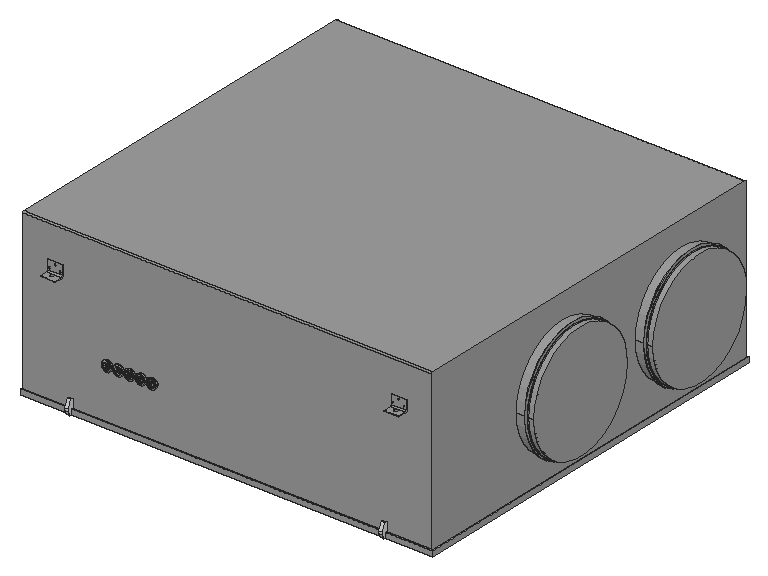
Revit family "Вентустановка Naveka Node5 Compact", category Оборудование, Revit 2019
Family settings
  Размер круглого соединителя = Использовать диаметр
  Тип детали = Нормальный
  Номер OmniClass = 23.75.00.00
  Заголовок OmniClass = Climate Control (HVAC)
  На основе рабочей плоскости = Нет
  Всегда вертикально = Да
  При загрузке вырезать с полостями = Нет
  Общий = Нет
  Точка расчета площади = Нет
Parameters (values of type "Node5-315/RP-M,VAC,E4.5")
  Ток ТЭНа (на фазу), А = "7.6"
  Ток вентилятора, А = "2"
  Питание, В = "3-380"
  Мощность калорифера, кВт = "4.5"
  Мощность вентиляторов, кВт = "0.45"
  Материал = RAL 0000 Серый металл
  d = 315 mm
  b = 217 mm
  Sg = 400 mm
  L = 1100 mm
  H = 441 mm
  D+4.5 = D + 4.5 mm  # 161 mm
  D+0.5 = D + 0.5 mm  # 157 mm
  D = 156.5 mm
  B = 1053 mm
  ADSK_Примечание = "https://progress-nw.ru/ustanovki/node5/node5-ac-compact/ustanovka-ventilyacionnaya-pritochno-vytyazhnaya-node5-315-rp-m-vac-e4-5-compact-1000-m3-ch-280-pa"
  ADSK_Позиция = ""
  ADSK_Наименование = "Установка вентиляционная Node5 Compact"  # constant formula
  ADSK_Масса = 77
  ADSK_Марка = "Node5-315/RP-M,VAC,E4.5 Compact"
  ADSK_Код изделия = ""
  ADSK_Завод-изготовитель = "Naveka"  # constant formula
  ADSK_Единица измерения = "шт."  # constant formula
Types (11, lengths in mm): name | Ток ТЭНа (на фазу), А | Ток вентилятора, А | Питание, В | Мощность калорифера, кВт | Мощность вентиляторов, кВт | d | b | Sg | L | H | D+4.5 | D+0.5 | D | B | ADSK_Примечание | ADSK_Масса | ADSK_Марка
  (no name) | "7.6" | "2" | "3-380" | "4.5" | "0.45" | 315 | 217 | 400 | 1100 | 441 | 161 | 157 | 156.5 | 1053 | "https://progress-nw.ru/ustanovki/node5/node5-ac-compact/ustanovka-ventilyacionnaya-pritochno-vytyazhnaya-node5-315-rp-m-vac-e4-5-compact-1000-m3-ch-280-pa" | 77 | "Node5-315/RP-M,VAC,E4.5 Compact"
  Node5-125/RP-M,VAC,E0.37 | "1.7" | "0.5" | "1-220" | "0.37" | "0.1" | 125 | 125 | 260 | 700 | 352 | 66 | 62 | 61.5 | 773 | "https://progress-nw.ru/ustanovki/node5/node5-ac-compact/ustanovka-ventilyacionnaya-pritochno-vytyazhnaya-node5-125-rp-m-vac-e0-37-compact-100-m3-ch-280-pa" | 49.4 | "Node5-125/RP-M,VAC,E0.37 Compact"
  Node5-160/RP-M,VAC,E1.1 | "5.1" | "0.8" | "1-220" | "1.1" | "0.17" | 160 | 150 | 260 | 700 | 352 | 83.5 | 79.5 | 79 | 773 | "https://progress-nw.ru/ustanovki/node5/node5-ac-compact/ustanovka-ventilyacionnaya-pritochno-vytyazhnaya-node5-160-rp-m-vac-e1-1-compact-250-m3-ch-250-pa" | 50.2 | "Node5-160/RP-M,VAC,E1.1 Compact"
  Node5-200/RP-M,VAC,E1.5 | "6.8" | "1.2" | "1-220" | "1.5" | "0.27" | 200 | 176 | 315 | 920 | 418 | 103.5 | 99.5 | 99 | 883 | "https://progress-nw.ru/ustanovki/node5/node5-ac-compact/ustanovka-ventilyacionnaya-pritochno-vytyazhnaya-node5-200-rp-m-vac-e1-5-compact-400-m3-ch-340-pa" | 74.4 | "Node5-200/RP-M,VAC,E1.5 Compact"
  Node5-250/RP-M,VAC,E2.6 | "11.9" | "1.9" | "1-220" | "2.6" | "0.42" | 250 | 185 | 315 | 1100 | 418 | 128.5 | 124.5 | 124 | 883 | "https://progress-nw.ru/ustanovki/node5/node5-ac-compact/ustanovka-ventilyacionnaya-pritochno-vytyazhnaya-node5-250-rp-m-vac-e2-6-compact-600-m3-ch-340-pa" | 75 | "Node5-250/RP-M,VAC,E2.6 Compact"
  Node5-315/RP-M,VAC,E3.4 | "5.7" | "2" | "3-380" | "3.4" | "0.45" | 315 | 217 | 400 | 1100 | 441 | 161 | 157 | 156.5 | 1053 | "https://progress-nw.ru/ustanovki/node5/node5-ac-compact/ustanovka-ventilyacionnaya-pritochno-vytyazhnaya-node5-315-rp-m-vac-e3-4-compact-800-m3-ch-380-pa" | 77 | "Node5-315/RP-M,VAC,E3.4 Compact"
  Node5-125/RP-M,VAC,E0.75 | "3.4" | "0.5" | "1-220" | "0.75" | "0.1" | 125 | 125 | 260 | 700 | 352 | 66 | 62 | 61.5 | 773 | "https://progress-nw.ru/ustanovki/node5/node5-ac-compact/ustanovka-ventilyacionnaya-pritochno-vytyazhnaya-node5-125-rp-m-vac-e0-75-compact-200-m3-ch-190-pa" | 49.4 | "Node5-125/RP-M,VAC,E0.75 Compact"
  Node5-160/RP-M,VAC,E1.5 | "6.8" | "0.8" | "1-220" | "1.5" | "0.17" | 160 | 150 | 260 | 700 | 352 | 83.5 | 79.5 | 79 | 773 | "https://progress-nw.ru/ustanovki/node5/node5-ac-compact/ustanovka-ventilyacionnaya-pritochno-vytyazhnaya-node5-160-rp-m-vac-e1-5-compact-300-m3-ch-180-pa" | 50.2 | "Node5-160/RP-M,VAC,E1.5 Compact"
  Node5-200/RP-M,VAC,E2.3 | "10.2" | "1.2" | "1-220" | "2.3" | "0.27" | 200 | 176 | 315 | 920 | 418 | 103.5 | 99.5 | 99 | 883 | "https://progress-nw.ru/ustanovki/node5/node5-ac-compact/ustanovka-ventilyacionnaya-pritochno-vytyazhnaya-node5-200-rp-m-vac-e2-3-compact-500-m3-ch-280-pa" | 74.4 | "Node5-200/RP-M,VAC,E2.3 Compact"
  Node5-250/RP-M,VAC,E3.4 | "5.7" | "1.9" | "3-380" | "3.4" | "0.42" | 250 | 185 | 315 | 1100 | 418 | 128.5 | 124.5 | 124 | 883 | "https://progress-nw.ru/ustanovki/node5/node5-ac-compact/ustanovka-ventilyacionnaya-pritochno-vytyazhnaya-node5-250-rp-m-vac-e3-4-compact-700-m3-ch-260-pa" | 75 | "Node5-250/RP-M,VAC,E3.4 Compact"
  Node5-315/RP-M,VAC,E4.5 | "7.6" | "2" | "3-380" | "4.5" | "0.45" | 315 | 217 | 400 | 1100 | 441 | 161 | 157 | 156.5 | 1053 | "https://progress-nw.ru/ustanovki/node5/node5-ac-compact/ustanovka-ventilyacionnaya-pritochno-vytyazhnaya-node5-315-rp-m-vac-e4-5-compact-1000-m3-ch-280-pa" | 77 | "Node5-315/RP-M,VAC,E4.5 Compact"
Reference planes
  plane 1 "По центру (Вперед/Назад)": y = 0
  plane 2: z = 0
  plane 3 "По центру (Влево/Вправо)": x = 0
  plane 4: y = 526.5
  plane 5: y = -526.5
  plane 6: x = 90
  plane 7: x = 550
  plane 8: z = 220.5
  plane 9: z = -220.5
  plane 10: x = 575
  plane 11: x = 579
  plane 12: x = 580
  plane 13: x = 584
  plane 14: x = 600
  plane 15: x = -550
  plane 16: x = -575
  plane 17: x = -579
  plane 18: x = -580
  plane 19: x = -584
  plane 20: x = -600
  plane 21: x = -554
  plane 22: y = 530.5
  plane 23: x = 554
  plane 24: y = -530.5
  plane 25: z = -205.5
  plane 26: x = 482
  plane 27: x = 442
  plane 28: x = 462
  plane 29: y = 539.5
  plane 30: x = 448
  plane 31: x = 476
  plane 32: x = -482
  plane 33: x = -442
  plane 34: x = -462
  plane 35: x = -448
  plane 36: x = -476
  plane 37: y = -539.5
  plane 38: x = -202
  plane 39: z = 221.5
  plane 40 "По центру Л/Р": y = 309.5
  plane 41: x = -232
  plane 42: z = -70.309
  plane 43: z = -182.717
  plane 44: x = 427
  plane 45: x = 417
  plane 46: x = -427
  plane 47: x = -417
  plane 48 "По центру Л/С": y = -90.5
  plane 49: x = -262
  plane 50: x = -292
  plane 51: x = -322
  plane 52: z = 100.5
  plane 53: z = 112.739
  plane 54: z = 124.979
Forms (mm)
  Extrusion 1, solid, material "RAL 0000 Серый металл" <- "Материал", detail levels fine
    sketch origin (0, 10, 0) x (0, 1, 0) y (0, 0, 1)
      loop
        circle (299.5, 0) r 156.5
    from 550 to 600
  Extrusion 2, solid, material "Каучук, черный", detail levels fine
    sketch origin (0, 0, -17.195) x (0, 1, 0) y (0, 0, 1)
      loop
        circle (309.5, 17.195) r 157
    from 575 to 584
  Extrusion 3, solid, material "Каучук, черный", detail levels fine
    sketch origin (0, 0, -17.195) x (0, 1, 0) y (0, 0, 1)
      loop
        circle (309.5, 17.195) r 161
    from 579 to 580
  Extrusion 4, solid, material "RAL 0000 Серый металл" <- "Материал", detail levels fine
    sketch origin (0, 5, 0) x (0, 1, 0) y (0, 0, -1)
      loop
        circle (304.5, 0) r 156.5
    from 550 to 600
  Extrusion 5, solid, material "Каучук, черный", detail levels fine
    sketch origin (0, 0, -17.195) x (0, 1, 0) y (0, 0, -1)
      loop
        circle (309.5, -17.195) r 157
    from 575 to 584
  Extrusion 6, solid, material "Каучук, черный", detail levels fine
    sketch origin (0, 0, -17.195) x (0, 1, 0) y (0, 0, -1)
      loop
        circle (309.5, -17.195) r 161
    from 579 to 580
  Extrusion 7, solid, material "RAL 0000 Серый металл" <- "Материал"
    sketch origin (0, 0, 0) x (0, 1, 0) y (0, 0, 1)
      loop
        line (523.475, 220.5) -> (-523.484, 220.5)
        arc (-523.484, 220.5) -> (-525.617, 219.617) -> (-526.5, 217.484) r 3.016
        line (-526.5, 217.484) -> (-526.5, -220.5) -> (526.5, -220.5) -> (526.5, 217.475)
        arc (526.5, 217.475) -> (525.614, 219.614) -> (523.475, 220.5) r 3.025
    from -550 to 550
  Extrusion 8, solid, material "RAL 0000 Серый металл" <- "Материал", detail levels fine
    sketch origin (0, 0, 0) x (1, 0, 0) y (0, 1, 0)
      loop
        line (-554, 530.5) -> (-554, -530.5) -> (554, -530.5) -> (554, 530.5) -> (-554, 530.5)
    from -220.5 to -205.5
  Revolve 9, solid, material "Пластмасса, непрозрачная, белая", detail levels fine
    sketch origin (-529.877, -1524, -70.309) x (-1, 0, 0) y (0, -1, 0)
      loop
        line (-327.877, -997.5) -> (-327.877, -995.338) -> (-330.28, -995.338) -> (-330.28, -996.531) -> (-331.126, -996.531) -> (-331.126, -994.746) -> (-334.571, -994.746) -> (-335.57, -994.047) -> (-337.318, -993.22) -> (-339.292, -992.75) -> (-341.587, -994.075) -> (-341.587, -997.5) -> (-327.877, -997.5)
      axis (-327.877, -992.75) -> (-327.877, -997.5)
    angle from 0 to 360
  Revolve 10, solid, material "Пластмасса, непрозрачная, белая", detail levels fine
    sketch origin (-569.877, -1524, -70.309) x (-1, 0, 0) y (0, -1, 0)
      loop
        line (-337.877, -997.5) -> (-337.877, -995.338) -> (-340.28, -995.338) -> (-340.28, -996.531) -> (-341.126, -996.531) -> (-341.126, -994.746) -> (-344.571, -994.746) -> (-345.57, -994.047) -> (-347.318, -993.22) -> (-349.292, -992.75) -> (-351.587, -994.075) -> (-351.587, -997.5) -> (-337.877, -997.5)
      axis (-337.877, -992.75) -> (-337.877, -997.5)
    angle from 0 to 360
  Extrusion 11, solid, detail levels fine
    sketch origin (0, 0, 0) x (0, 1, 0) y (0, 0, 1)
      loop
        line (539.5, -202.278) -> (530.5, -182.717) -> (526.5, -182.717) -> (526.5, -205.5) -> (528.38, -205.5) -> (530.5, -203.38) -> (530.5, -220.5) -> (533.932, -220.5) -> (539.5, -210.028) -> (539.5, -202.278)
    from 417 to 427
  Extrusion 12, solid, detail levels fine
    sketch origin (10, 0, 0) x (0, 1, 0) y (0, 0, -1)
      loop
        line (539.5, 202.278) -> (539.5, 210.028) -> (533.932, 220.5) -> (530.5, 220.5) -> (530.5, 203.38) -> (528.38, 205.5) -> (526.5, 205.5) -> (526.5, 182.717) -> (530.5, 182.717) -> (539.5, 202.278)
    from 427 to 437
  Extrusion 13, solid, detail levels fine
    sketch origin (0, 0, 0) x (0, -1, 0) y (0, 0, -1)
      loop
        line (539.5, 202.278) -> (539.5, 210.028) -> (533.932, 220.5) -> (530.5, 220.5) -> (530.5, 203.38) -> (528.38, 205.5) -> (526.5, 205.5) -> (526.5, 182.717) -> (530.5, 182.717) -> (539.5, 202.278)
    from 417 to 427
  Extrusion 14, solid, detail levels fine
    sketch origin (10, 0, 0) x (0, -1, 0) y (0, 0, 1)
      loop
        line (539.5, -202.278) -> (530.5, -182.717) -> (526.5, -182.717) -> (526.5, -205.5) -> (528.38, -205.5) -> (530.5, -203.38) -> (530.5, -220.5) -> (533.932, -220.5) -> (539.5, -210.028) -> (539.5, -202.278)
    from 427 to 437
  Extrusion 15, solid, material "RAL 0000 Серый металл" <- "Материал", detail levels fine
    sketch origin (0, -207, 0) x (0, 1, 0) y (0, 0, 1)
      loop
        circle (116.5, 0) r 156.5
    from 550 to 600
  Extrusion 16, solid, material "Каучук, черный", detail levels fine
    sketch origin (0, -217, -17.195) x (0, 1, 0) y (0, 0, 1)
      loop
        circle (126.5, 17.195) r 157
    from 575 to 584
  Extrusion 17, solid, material "Каучук, черный", detail levels fine
    sketch origin (0, -217, -17.195) x (0, 1, 0) y (0, 0, 1)
      loop
        circle (126.5, 17.195) r 161
    from 579 to 580
  Extrusion 18, solid, material "RAL 0000 Серый металл" <- "Материал", detail levels fine
    sketch origin (0, -212, 0) x (0, 1, 0) y (0, 0, -1)
      loop
        circle (121.5, 0) r 156.5
    from 550 to 600
  Extrusion 19, solid, material "Каучук, черный", detail levels fine
    sketch origin (0, -217, -17.195) x (0, 1, 0) y (0, 0, -1)
      loop
        circle (126.5, -17.195) r 157
    from 575 to 584
  Extrusion 20, solid, material "Каучук, черный", detail levels fine
    sketch origin (0, -217, -17.195) x (0, 1, 0) y (0, 0, -1)
      loop
        circle (126.5, -17.195) r 161
    from 579 to 580
  Revolve 21, solid, material "Пластмасса, непрозрачная, белая", detail levels fine
    sketch origin (-607.322, -1524, -70.309) x (-1, 0, 0) y (0, -1, 0)
      loop
        line (-345.322, -997.5) -> (-345.322, -995.338) -> (-347.725, -995.338) -> (-347.725, -996.531) -> (-348.57, -996.531) -> (-348.57, -994.746) -> (-352.016, -994.746) -> (-353.015, -994.047) -> (-354.763, -993.22) -> (-356.737, -992.75) -> (-359.032, -994.075) -> (-359.032, -997.5) -> (-345.322, -997.5)
      axis (-345.322, -992.75) -> (-345.322, -997.5)
    angle from 0 to 360
  Revolve 22, solid, material "Пластмасса, непрозрачная, белая", detail levels fine
    sketch origin (-644.767, -1524, -70.309) x (-1, 0, 0) y (0, -1, 0)
      loop
        line (-352.767, -997.5) -> (-352.767, -995.338) -> (-355.17, -995.338) -> (-355.17, -996.531) -> (-356.015, -996.531) -> (-356.015, -994.746) -> (-359.461, -994.746) -> (-360.459, -994.047) -> (-362.208, -993.22) -> (-364.182, -992.75) -> (-366.476, -994.075) -> (-366.476, -997.5) -> (-352.767, -997.5)
      axis (-352.767, -992.75) -> (-352.767, -997.5)
    angle from 0 to 360
  Revolve 23, solid, material "Пластмасса, непрозрачная, белая", detail levels fine
    sketch origin (-682.212, -1524, -70.309) x (-1, 0, 0) y (0, -1, 0)
      loop
        line (-360.212, -997.5) -> (-360.212, -995.338) -> (-362.614, -995.338) -> (-362.614, -996.531) -> (-363.46, -996.531) -> (-363.46, -994.746) -> (-366.905, -994.746) -> (-367.904, -994.047) -> (-369.652, -993.22) -> (-371.627, -992.75) -> (-373.921, -994.075) -> (-373.921, -997.5) -> (-360.212, -997.5)
      axis (-360.212, -992.75) -> (-360.212, -997.5)
    angle from 0 to 360
  Extrusion 24, solid, material "RAL 0000 Серый металл" <- "Материал", detail levels fine
    sketch origin (0, 0, 7.053) x (0, -1, 0) y (0, 0, 1)
      loop
        line (553, 94.947) -> (531.84, 94.947)
        arc (531.84, 94.947) -> (529.125, 96.072) -> (528, 98.787) r 3.84
        line (528, 98.787) -> (528, 123.447) -> (526.5, 123.447) -> (526.5, 99.519)
        arc (526.5, 99.519) -> (528.278, 95.226) -> (532.572, 93.447) r 6.072
        line (532.572, 93.447) -> (553, 93.447) -> (553, 94.947)
    from 442 to 482
  Extrusion 25, void
    sketch origin (0, 0, 7.053) x (-1, 0, 0) y (0, 0, 1)
      loop
        circle (448, 105.687) r 2.1
      loop
        circle (476, 105.687) r 2.1
      loop
        circle (462, 117.926) r 2.1
    from -528 to -526.5
  Extrusion 26, void
    sketch origin (0, -78.122, 0) x (1, 0, 0) y (0, -1, 0)
      loop
        circle (-462, 461.378) r 4.5
    from -100.5 to -102
  Extrusion 27, solid, material "RAL 0000 Серый металл" <- "Материал", detail levels fine
    sketch origin (0, 0, 6.332) x (0, -1, 0) y (0, 0, -1)
      loop
        line (553, -95.668) -> (553, -94.168) -> (532.572, -94.168)
        arc (532.572, -94.168) -> (528.278, -95.946) -> (526.5, -100.24) r 6.072
        line (526.5, -100.24) -> (526.5, -124.168) -> (528, -124.168) -> (528, -99.219)
        arc (528, -99.219) -> (529.04, -96.708) -> (531.551, -95.668) r 3.551
        line (531.551, -95.668) -> (553, -95.668)
    from 442 to 482
  Extrusion 28, void
    sketch origin (0, -78.122, 6.332) x (1, 0, 0) y (0, -1, 0)
      loop
        circle (462, 461.378) r 4.5
    from -95.668 to -94.168
  Extrusion 29, void
    sketch origin (0, 0, 6.332) x (1, 0, 0) y (0, 0, -1)
      loop
        circle (448, -106.407) r 2.1
      loop
        circle (476, -106.407) r 2.1
      loop
        circle (462, -118.647) r 2.1
    from -526.5 to -528
  Extrusion 30, solid, material "RAL 0000 Серый металл" <- "Материал", detail levels fine
    sketch origin (0, 0, 5.311) x (0, 1, 0) y (0, 0, 1)
      loop
        line (553, 96.689) -> (531.743, 96.689)
        arc (531.743, 96.689) -> (529.096, 97.785) -> (528, 100.432) r 3.743
        line (528, 100.432) -> (528, 125.189) -> (526.5, 125.189) -> (526.5, 100.661)
        arc (526.5, 100.661) -> (528.103, 96.791) -> (531.972, 95.189) r 5.472
        line (531.972, 95.189) -> (553, 95.189) -> (553, 96.689)
    from 442 to 482
  Extrusion 31, void
    sketch origin (0, 553, 100.5) x (-1, 0, 0) y (0, 1, 0)
      loop
        circle (-462, -13.5) r 4.5
    from -1.5 to 0
  Extrusion 32, void
    sketch origin (0, 0, 5.311) x (1, 0, 0) y (0, 0, 1)
      loop
        circle (448, 107.428) r 2.1
      loop
        circle (476, 107.428) r 2.1
      loop
        circle (462, 119.668) r 2.1
    from -526.5 to -528
  Extrusion 33, solid, material "RAL 0000 Серый металл" <- "Материал", detail levels fine
    sketch origin (0, 0, 4.817) x (0, 1, 0) y (0, 0, -1)
      loop
        line (553, -97.183) -> (553, -95.683) -> (531.972, -95.683)
        arc (531.972, -95.683) -> (528.103, -97.286) -> (526.5, -101.155) r 5.472
        line (526.5, -101.155) -> (526.5, -125.683) -> (528, -125.683) -> (528, -100.728)
        arc (528, -100.728) -> (529.038, -98.222) -> (531.545, -97.183) r 3.545
        line (531.545, -97.183) -> (553, -97.183)
    from 442 to 482
  Extrusion 34, void
    sketch origin (-270, 251.5, 4.817) x (-1, 0, 0) y (0, 1, 0)
      loop
        circle (192, 288) r 4.5
    from -97.183 to -95.683
  Extrusion 35, void
    sketch origin (0, 0, 4.817) x (-1, 0, 0) y (0, 0, -1)
      loop
        circle (448, -107.923) r 2.1
      loop
        circle (476, -107.923) r 2.1
      loop
        circle (462, -120.162) r 2.1
    from -526.5 to -528
Cuts and joins
  Extrusion 25, Extrusion 29, Extrusion 32, Extrusion 35 cuts Extrusion 7
  Extrusion 25, Extrusion 26 cuts Extrusion 24
  Extrusion 28, Extrusion 29 cuts Extrusion 27
  Extrusion 31, Extrusion 32 cuts Extrusion 30
  Extrusion 34, Extrusion 35 cuts Extrusion 33
Lines and regions (mm)
  model lines, not visible, detail levels coarse
    curve 1: circle (0, 0, 0) r 95 normal (0, 0, 1)
    curve 2: line (95, 0, 0) -> (-55.84, 76.857, 0)
    curve 3: line (-55.84, 76.857, 0) -> (-55.84, -76.857, 0)
    curve 4: line (-55.84, -76.857, 0) -> (95, 0, 0)
  model lines, not visible, detail levels medium
    curve 5: circle (0, 0, 0) r 75 normal (0, -1, 0)
    curve 6: line (75, 0, 0) -> (-46.678, 0, 58.704)
    curve 7: line (-47.5, 0, 58.041) -> (-47.5, 0, -58.041)
    curve 8: line (-46.678, 0, -58.704) -> (75, 0, 0)
Dimensions and locks
  "B": plane 5 to plane 4
  "L": plane 15 to plane 7
  equal spacing: plane 21, plane 3 "По центру (Влево/Вправо)", plane 23
  equal spacing: plane 5, plane 1 "По центру (Вперед/Назад)", plane 4
  equal spacing: plane 8, level, plane 9
  "H": plane 8 to plane 9
  plane 7 to plane 6 = 460 mm
  locked: plane 7 to plane 10 at 25
  locked: plane 10 to plane 11 at 4
  locked: plane 11 to plane 12 at 1
  locked: plane 12 to plane 13 at 4
  locked: plane 13 to plane 14 at 16
  locked: plane 15 to plane 16 at 25
  locked: plane 16 to plane 17 at 4
  locked: plane 17 to plane 18 at 1
  locked: plane 18 to plane 19 at 4
  locked: plane 19 to plane 20 at 16
  locked: plane 24 to plane 5 at 4
  locked: plane 22 to plane 4 at 4
  locked: plane 7 to plane 23 at 4
  locked: plane 21 to plane 15 at 4
  locked: plane 25 to plane 9 at 15
  locked: plane 26 to plane 7 at 68
  locked: plane 27 to plane 26 at 40
  equal spacing: plane 27, plane 28, plane 26
  locked: plane 29 to plane 4 at 13
  locked: plane 30 to plane 28 at 14
  equal spacing: plane 30, plane 28, plane 31
  locked: plane 33 to plane 32 at 40
  equal spacing: plane 33, plane 34, plane 32
  locked: plane 35 to plane 34 at 14
  equal spacing: plane 35, plane 34, plane 36
  locked: plane 5 to plane 37 at 13
  equal spacing: plane 33, plane 3 "По центру (Влево/Вправо)", plane 27
  locked: plane 39 to plane 8 at 1
  "b": plane 40 "По центру Л/Р" to plane 4
  locked: plane 45 to plane 44 at 10
  locked: plane 47 to plane 46 at 10
  locked: plane 43 to plane 9 at 37.783
  locked: plane 44 to plane 27 at 15
  locked: plane 33 to plane 46 at 15
  "Sg": plane 48 "По центру Л/С" to plane 40 "По центру Л/Р"
  equal spacing: plane 38, plane 41, plane 49, plane 50, plane 51
  plane 8 to plane 52 = 120 mm
  locked: Extrusion 24 sketch curve to Extrusion 24 sketch curve at 1.5  (x2)
  Extrusion 24 sketch curve to Extrusion 24 sketch curve = 26.5 mm
  locked: Extrusion 24 sketch curve to Extrusion 24 sketch curve at 30
  locked: Extrusion 27 sketch curve to Extrusion 27 sketch curve at 1.5  (x2)
  Extrusion 27 sketch curve to Extrusion 27 sketch curve = 26.5 mm
  locked: Extrusion 27 sketch curve to Extrusion 27 sketch curve at 30
  plane 33 to plane 50 = 150 mm
  locked: plane 50 to plane 51 at 30
  locked: Extrusion 30 sketch curve to Extrusion 30 sketch curve at 1.5  (x2)
  Extrusion 30 sketch curve to Extrusion 30 sketch curve = 26.5 mm
  locked: Extrusion 30 sketch curve to Extrusion 30 sketch curve at 30
  locked: plane 52 to plane 54 at 24.479
  equal spacing: plane 54, plane 53, plane 52
  locked: Extrusion 33 sketch curve to Extrusion 33 sketch curve at 1.5  (x2)
  Extrusion 33 sketch curve to Extrusion 33 sketch curve = 26.5 mm
  locked: Extrusion 33 sketch curve to Extrusion 33 sketch curve at 30
  "D": radius of Extrusion 1 sketch curve
  "D+0.5": radius of Extrusion 2 sketch curve
  "D+4.5": radius of Extrusion 3 sketch curve
  "D": radius of Extrusion 4 sketch curve
  "D+0.5": radius of Extrusion 5 sketch curve
  "D+4.5": radius of Extrusion 6 sketch curve
  "D": radius of Extrusion 15 sketch curve
  "D+0.5": radius of Extrusion 16 sketch curve
  "D+4.5": radius of Extrusion 17 sketch curve
  "D": radius of Extrusion 18 sketch curve
  "D+0.5": radius of Extrusion 19 sketch curve
  "D+4.5": radius of Extrusion 20 sketch curve
  radius of Extrusion 26 sketch curve = 4.5 mm
  radius of Extrusion 28 sketch curve = 4.5 mm
  radius of Extrusion 31 sketch curve = 4.5 mm
  radius of Extrusion 34 sketch curve = 4.5 mm
  aligned and locked: level to plane 2
  aligned and locked: plane 7 to Extrusion 1
  aligned and locked: Extrusion 1 to plane 14
  aligned and locked: Extrusion 3 to plane 12
  aligned and locked: plane 11 to Extrusion 3
  aligned and locked: Extrusion 4 to plane 20
  aligned and locked: Extrusion 5 to plane 19
  aligned and locked: Extrusion 6 to plane 18
  aligned and locked: plane 17 to Extrusion 6
  aligned and locked: plane 16 to Extrusion 5
  aligned and locked: plane 15 to Extrusion 4
  aligned and locked: Extrusion 7 to plane 15
  aligned and locked: Extrusion 7 to plane 7
  aligned and locked: plane 9 to Extrusion 7
  aligned and locked: plane 9 to Extrusion 8
  aligned and locked: Extrusion 8 to plane 25
  aligned and locked: Extrusion 2 to plane 13
  aligned and locked: plane 10 to Extrusion 2
  aligned and locked: plane 40 "По центру Л/Р" to Extrusion 1 sketch curve
  aligned and locked: plane 40 "По центру Л/Р" to Extrusion 2 sketch curve
  aligned and locked: plane 40 "По центру Л/Р" to Extrusion 4 sketch curve
  aligned and locked: plane 40 "По центру Л/Р" to Extrusion 5 sketch curve
  aligned and locked: plane 40 "По центру Л/Р" to Extrusion 3 sketch curve
  aligned and locked: plane 40 "По центру Л/Р" to Extrusion 6 sketch curve
  aligned and locked: Revolve 9 sketch curve to plane 38
  aligned and locked: Revolve 10 sketch curve to plane 41
  aligned and locked: Extrusion 11 sketch curve to plane 43
  aligned and locked: Extrusion 11 sketch curve to plane 29
  aligned and locked: plane 25 to Extrusion 11 sketch curve  (x2)
  aligned and locked: plane 9 to Extrusion 11 sketch curve  (x2)
  aligned and locked: Extrusion 11 to plane 44
  aligned and locked: plane 45 to Extrusion 11
  aligned and locked: plane 46 to Extrusion 12
  aligned and locked: Extrusion 12 to plane 47
  aligned and locked: Extrusion 12 to plane 4
  aligned and locked: Extrusion 14 to plane 5
  aligned and locked: plane 37 to Extrusion 14 sketch curve
  aligned and locked: Extrusion 14 sketch curve to plane 9
  aligned and locked: plane 43 to Extrusion 14 sketch curve
  aligned and locked: plane 5 to Extrusion 14 sketch curve
  aligned and locked: Extrusion 14 sketch curve to plane 25
  aligned and locked: plane 24 to Extrusion 14 sketch curve
  aligned and locked: plane 37 to Extrusion 13 sketch curve
  aligned and locked: Extrusion 13 sketch curve to plane 9
  aligned and locked: plane 24 to Extrusion 13 sketch curve
  aligned and locked: Extrusion 13 sketch curve to plane 25
  aligned and locked: plane 5 to Extrusion 13 sketch curve
  aligned and locked: plane 43 to Extrusion 13 sketch curve
  aligned and locked: Extrusion 12 sketch curve to plane 29
  aligned and locked: plane 9 to Extrusion 12 sketch curve
  aligned and locked: Extrusion 12 sketch curve to plane 4
  aligned and locked: plane 25 to Extrusion 12 sketch curve
  aligned and locked: Extrusion 12 sketch curve to plane 43
  aligned and locked: Extrusion 12 sketch curve to plane 22
  aligned and locked: Extrusion 11 sketch curve to plane 4
  aligned and locked: Extrusion 11 sketch curve to plane 22
  aligned and locked: Extrusion 14 to plane 46
  aligned and locked: plane 47 to Extrusion 14
  aligned and locked: plane 45 to Extrusion 13
  aligned and locked: Extrusion 13 to plane 44
  aligned and locked: plane 48 "По центру Л/С" to Extrusion 18 sketch curve
  aligned and locked: plane 2 to Extrusion 18 sketch curve
  aligned and locked: plane 48 "По центру Л/С" to Extrusion 19 sketch curve
  aligned and locked: plane 2 to Extrusion 19 sketch curve
  aligned and locked: plane 48 "По центру Л/С" to Extrusion 20 sketch curve
  aligned and locked: plane 2 to Extrusion 20 sketch curve
  aligned and locked: plane 48 "По центру Л/С" to Extrusion 15 sketch curve
  aligned and locked: plane 2 to Extrusion 15 sketch curve
  aligned and locked: plane 48 "По центру Л/С" to Extrusion 16 sketch curve
  aligned and locked: plane 2 to Extrusion 16 sketch curve
  aligned and locked: plane 48 "По центру Л/С" to Extrusion 17 sketch curve
  aligned and locked: plane 2 to Extrusion 17 sketch curve
  aligned and locked: plane 52 to cut or joined group of Extrusion 24, Extrusion 25, Extrusion 26
  aligned and locked: cut or joined group of Extrusion 24, Extrusion 25, Extrusion 26 to Extrusion 26
  aligned and locked: plane 52 to Extrusion 26
  aligned and locked: cut or joined group of Extrusion 24, Extrusion 25, Extrusion 26 to plane 32
  aligned and locked: plane 33 to cut or joined group of Extrusion 24, Extrusion 25, Extrusion 26
  aligned and locked: plane 52 to cut or joined group of Extrusion 27, Extrusion 28, Extrusion 29  (x2)
  aligned and locked: cut or joined group of Extrusion 27, Extrusion 28, Extrusion 29 to Extrusion 28
  aligned and locked: plane 27 to cut or joined group of Extrusion 27, Extrusion 28, Extrusion 29
  aligned and locked: cut or joined group of Extrusion 27, Extrusion 28, Extrusion 29 to plane 26
  aligned and locked: Extrusion 31 to Extrusion 30  (x2)
  aligned and locked: plane 54 to Extrusion 29 sketch curve
  aligned and locked: plane 28 to Extrusion 29 sketch curve
  aligned and locked: plane 53 to Extrusion 29 sketch curve  (x2)
  aligned and locked: plane 31 to Extrusion 29 sketch curve
  aligned and locked: plane 30 to Extrusion 29 sketch curve
  aligned and locked: plane 35 to Extrusion 25 sketch curve
  aligned and locked: Extrusion 25 sketch curve to plane 53  (x2)
  aligned and locked: plane 36 to Extrusion 25 sketch curve
  aligned and locked: Extrusion 25 sketch curve to plane 54
  aligned and locked: plane 34 to Extrusion 25 sketch curve
  aligned and locked: plane 53 to Extrusion 32 sketch curve  (x2)
  aligned and locked: plane 31 to Extrusion 32 sketch curve
  aligned and locked: plane 30 to Extrusion 32 sketch curve
  aligned and locked: plane 28 to Extrusion 32 sketch curve
  aligned and locked: plane 54 to Extrusion 32 sketch curve
  aligned and locked: plane 52 to cut or joined group of Extrusion 30, Extrusion 31, Extrusion 32
  aligned and locked: plane 52 to cut or joined group of Extrusion 33, Extrusion 34, Extrusion 35
  aligned and locked: plane 33 to cut or joined group of Extrusion 33, Extrusion 34, Extrusion 35
  aligned and locked: cut or joined group of Extrusion 33, Extrusion 34, Extrusion 35 to plane 32
  aligned and locked: plane 34 to Extrusion 35 sketch curve
  aligned and locked: plane 54 to Extrusion 35 sketch curve
  aligned and locked: plane 53 to Extrusion 35 sketch curve  (x2)
  aligned and locked: plane 35 to Extrusion 35 sketch curve
  aligned and locked: plane 36 to Extrusion 35 sketch curve
  aligned and locked: plane 52 to Extrusion 34
  aligned and locked: cut or joined group of Extrusion 24, Extrusion 25, Extrusion 26 to Extrusion 34
  aligned and locked: cut or joined group of Extrusion 30, Extrusion 31, Extrusion 32 to plane 26
  aligned and locked: plane 27 to cut or joined group of Extrusion 30, Extrusion 31, Extrusion 32
  aligned and locked: cut or joined group of Extrusion 30, Extrusion 31, Extrusion 32 to plane 52
  aligned and locked: plane 52 to Extrusion 30 sketch curve
  aligned and locked: Extrusion 24 sketch curve to plane 52
  aligned and locked: plane 52 to Extrusion 27 sketch curve
  aligned and locked: cut or joined group of Extrusion 33, Extrusion 34, Extrusion 35 to plane 4  (x4)
  aligned and locked: cut or joined group of Extrusion 24, Extrusion 25, Extrusion 26 to plane 5  (x4)
  aligned and locked: plane 37 to Extrusion 26 sketch curve
  aligned and locked: plane 34 to Extrusion 26 sketch curve
  aligned and locked: plane 32 to cut or joined group of Extrusion 24, Extrusion 25, Extrusion 26
  aligned and locked: cut or joined group of Extrusion 24, Extrusion 25, Extrusion 26 to plane 33
  aligned and locked: cut or joined group of Extrusion 33, Extrusion 34, Extrusion 35 to plane 33
  aligned and locked: plane 32 to cut or joined group of Extrusion 33, Extrusion 34, Extrusion 35
  aligned and locked: plane 34 to Extrusion 34 sketch curve
  aligned and locked: plane 29 to Extrusion 34 sketch curve
  aligned and locked: cut or joined group of Extrusion 30, Extrusion 31, Extrusion 32 to plane 4  (x4)
  aligned and locked: plane 26 to cut or joined group of Extrusion 30, Extrusion 31, Extrusion 32
  aligned and locked: cut or joined group of Extrusion 30, Extrusion 31, Extrusion 32 to plane 27
  aligned and locked: plane 29 to Extrusion 31 sketch curve
  aligned and locked: plane 28 to Extrusion 31 sketch curve
  aligned and locked: plane 26 to cut or joined group of Extrusion 27, Extrusion 28, Extrusion 29  (x2)
  aligned and locked: cut or joined group of Extrusion 27, Extrusion 28, Extrusion 29 to plane 27  (x2)
  aligned and locked: cut or joined group of Extrusion 27, Extrusion 28, Extrusion 29 to plane 5  (x4)
  aligned and locked: plane 28 to Extrusion 28 sketch curve
  aligned and locked: Extrusion 28 sketch curve to plane 37
  aligned and locked: plane 7 to Extrusion 15
  aligned and locked: Extrusion 15 to plane 14
  aligned and locked: Extrusion 16 to plane 13
  aligned and locked: Extrusion 17 to plane 12
  aligned and locked: plane 11 to Extrusion 17
  aligned and locked: plane 10 to Extrusion 16
  aligned and locked: Extrusion 18 to plane 20
  aligned and locked: plane 15 to Extrusion 18
  aligned and locked: Extrusion 19 to plane 19
  aligned and locked: Extrusion 20 to plane 18
  aligned and locked: plane 17 to Extrusion 20
  aligned and locked: plane 16 to Extrusion 19
  aligned and locked: plane 4 to cut or joined group of Extrusion 7, Extrusion 25, Extrusion 29, Extrusion 32, Extrusion 35
  aligned and locked: plane 5 to Extrusion 25
  aligned and locked: plane 5 to Extrusion 29
  aligned and locked: plane 4 to Extrusion 32
  aligned and locked: cut or joined group of Extrusion 33, Extrusion 34, Extrusion 35 to Extrusion 35
  aligned and locked: cut or joined group of Extrusion 24, Extrusion 25, Extrusion 26 to Extrusion 25
  aligned and locked: cut or joined group of Extrusion 27, Extrusion 28, Extrusion 29 to Extrusion 29
  aligned and locked: cut or joined group of Extrusion 30, Extrusion 31, Extrusion 32 to Extrusion 32
Automatic sketch dimensions
  curve 5 to curve 8 = 75 mm
  curve 5 to curve 6 = 0 mm
  curve 8 to curve 5 = 46.678 mm
  curve 6 to curve 5 = 46.678 mm
  curve 7 to curve 8 = 0.822 mm
  Extrusion 7 sketch curve to plane 5 = 0 mm
  Extrusion 7 sketch curve to plane 8 = 0 mm
  Extrusion 7 sketch curve to plane 4 = 0 mm
  plane 9 to Extrusion 7 sketch curve = 0 mm
  Extrusion 7 sketch curve to plane 5 = 3.016 mm
  Extrusion 7 sketch curve to plane 4 = 3.025 mm
  Extrusion 8 sketch curve to plane 21 = 0 mm
  Extrusion 8 sketch curve to plane 23 = 0 mm
  plane 24 to Extrusion 8 sketch curve = 0 mm
  Extrusion 8 sketch curve to plane 22 = 0 mm
  plane 5 to Revolve 9 sketch curve = 0 mm  (x2)
  Revolve 9 sketch curve to plane 38 = 0 mm
  plane 5 to Revolve 9 sketch curve = 0.969 mm
  plane 38 to Revolve 9 sketch curve = 2.403 mm
  Revolve 9 sketch curve to Revolve 9 sketch curve = 0.846 mm
  Revolve 9 sketch curve to plane 24 = 1.246 mm
  Revolve 9 sketch curve to Revolve 9 sketch curve = 3.445 mm
  Revolve 9 sketch curve to plane 24 = 0.547 mm
  Revolve 9 sketch curve to Revolve 9 sketch curve = 0.999 mm
  plane 24 to Revolve 9 sketch curve = 0.28 mm
  Revolve 9 sketch curve to Revolve 9 sketch curve = 1.748 mm
  plane 24 to Revolve 9 sketch curve = 0.75 mm
  Revolve 9 sketch curve to Revolve 9 sketch curve = 1.974 mm
  Revolve 9 sketch curve to plane 24 = 0.575 mm
  Revolve 9 sketch curve to Revolve 9 sketch curve = 2.294 mm
  Revolve 9 sketch curve to Revolve 9 sketch curve = 0.592 mm
  Revolve 9 sketch curve to plane 5 = 17.098 mm
  plane 5 to Revolve 10 sketch curve = 0 mm  (x2)
  Revolve 10 sketch curve to plane 41 = 0 mm
  plane 5 to Revolve 10 sketch curve = 0.969 mm
  plane 41 to Revolve 10 sketch curve = 2.403 mm
  Revolve 10 sketch curve to Revolve 10 sketch curve = 0.846 mm
  Revolve 10 sketch curve to plane 24 = 1.246 mm
  Revolve 10 sketch curve to Revolve 10 sketch curve = 3.445 mm
  Revolve 10 sketch curve to plane 24 = 0.547 mm
  Revolve 10 sketch curve to Revolve 10 sketch curve = 0.999 mm
  plane 24 to Revolve 10 sketch curve = 0.28 mm
  Revolve 10 sketch curve to Revolve 10 sketch curve = 1.748 mm
  plane 24 to Revolve 10 sketch curve = 0.75 mm
  Revolve 10 sketch curve to Revolve 10 sketch curve = 1.974 mm
  Revolve 10 sketch curve to plane 24 = 0.575 mm
  Revolve 10 sketch curve to Revolve 10 sketch curve = 2.294 mm
  Revolve 10 sketch curve to Revolve 10 sketch curve = 0.592 mm
  Revolve 10 sketch curve to plane 5 = 17.098 mm
  Extrusion 11 sketch curve to plane 22 = 0 mm
  Extrusion 11 sketch curve to Extrusion 11 sketch curve = 1.88 mm
  Extrusion 11 sketch curve to Extrusion 11 sketch curve = 3.432 mm
  plane 25 to Extrusion 11 sketch curve = 4.528 mm
  Extrusion 11 sketch curve to plane 25 = 2.12 mm
  Extrusion 11 sketch curve to plane 25 = 3.222 mm
  Extrusion 12 sketch curve to plane 22 = 0 mm
  Extrusion 12 sketch curve to Extrusion 12 sketch curve = 1.88 mm
  Extrusion 12 sketch curve to Extrusion 12 sketch curve = 3.432 mm
  Extrusion 12 sketch curve to plane 25 = 3.222 mm
  Extrusion 12 sketch curve to plane 25 = 2.12 mm
  plane 25 to Extrusion 12 sketch curve = 4.528 mm
  Extrusion 13 sketch curve to plane 24 = 0 mm
  Extrusion 13 sketch curve to Extrusion 13 sketch curve = 1.88 mm
  Extrusion 13 sketch curve to Extrusion 13 sketch curve = 3.432 mm
  Extrusion 13 sketch curve to plane 25 = 4.528 mm
  plane 25 to Extrusion 13 sketch curve = 2.12 mm
  plane 25 to Extrusion 13 sketch curve = 3.222 mm
  Extrusion 14 sketch curve to plane 24 = 0 mm
  Extrusion 14 sketch curve to Extrusion 14 sketch curve = 1.88 mm
  Extrusion 14 sketch curve to Extrusion 14 sketch curve = 3.432 mm
  plane 25 to Extrusion 14 sketch curve = 4.528 mm
  Extrusion 14 sketch curve to plane 25 = 2.12 mm
  Extrusion 14 sketch curve to plane 25 = 3.222 mm
  plane 5 to Revolve 21 sketch curve = 0 mm  (x2)
  Revolve 21 sketch curve to plane 49 = 0 mm  (x2)
  plane 5 to Revolve 21 sketch curve = 0.969 mm
  plane 49 to Revolve 21 sketch curve = 2.403 mm
  Revolve 21 sketch curve to Revolve 21 sketch curve = 0.846 mm
  Revolve 21 sketch curve to plane 24 = 1.246 mm
  Revolve 21 sketch curve to Revolve 21 sketch curve = 3.445 mm
  Revolve 21 sketch curve to plane 24 = 0.547 mm
  Revolve 21 sketch curve to Revolve 21 sketch curve = 0.999 mm
  plane 24 to Revolve 21 sketch curve = 0.28 mm
  Revolve 21 sketch curve to Revolve 21 sketch curve = 1.748 mm
  plane 24 to Revolve 21 sketch curve = 0.75 mm
  Revolve 21 sketch curve to Revolve 21 sketch curve = 1.974 mm
  Revolve 21 sketch curve to plane 24 = 0.575 mm
  Revolve 21 sketch curve to Revolve 21 sketch curve = 2.294 mm
  Revolve 21 sketch curve to Revolve 21 sketch curve = 0.592 mm
  Revolve 21 sketch curve to plane 5 = 17.098 mm
  plane 5 to Revolve 22 sketch curve = 0 mm  (x2)
  Revolve 22 sketch curve to plane 50 = 0 mm  (x2)
  plane 5 to Revolve 22 sketch curve = 0.969 mm
  plane 50 to Revolve 22 sketch curve = 2.403 mm
  Revolve 22 sketch curve to Revolve 22 sketch curve = 0.846 mm
  Revolve 22 sketch curve to plane 24 = 1.246 mm
  Revolve 22 sketch curve to Revolve 22 sketch curve = 3.445 mm
  Revolve 22 sketch curve to plane 24 = 0.547 mm
  Revolve 22 sketch curve to Revolve 22 sketch curve = 0.999 mm
  plane 24 to Revolve 22 sketch curve = 0.28 mm
  Revolve 22 sketch curve to Revolve 22 sketch curve = 1.748 mm
  plane 24 to Revolve 22 sketch curve = 0.75 mm
  Revolve 22 sketch curve to Revolve 22 sketch curve = 1.974 mm
  Revolve 22 sketch curve to plane 24 = 0.575 mm
  Revolve 22 sketch curve to Revolve 22 sketch curve = 2.294 mm
  Revolve 22 sketch curve to Revolve 22 sketch curve = 0.592 mm
  Revolve 22 sketch curve to plane 5 = 17.098 mm
  plane 5 to Revolve 23 sketch curve = 0 mm  (x2)
  Revolve 23 sketch curve to plane 51 = 0 mm  (x2)
  plane 5 to Revolve 23 sketch curve = 0.969 mm
  plane 51 to Revolve 23 sketch curve = 2.403 mm
  Revolve 23 sketch curve to Revolve 23 sketch curve = 0.846 mm
  Revolve 23 sketch curve to plane 24 = 1.246 mm
  Revolve 23 sketch curve to Revolve 23 sketch curve = 3.445 mm
  Revolve 23 sketch curve to plane 24 = 0.547 mm
  Revolve 23 sketch curve to Revolve 23 sketch curve = 0.999 mm
  plane 24 to Revolve 23 sketch curve = 0.28 mm
  Revolve 23 sketch curve to Revolve 23 sketch curve = 1.748 mm
  plane 24 to Revolve 23 sketch curve = 0.75 mm
  Revolve 23 sketch curve to Revolve 23 sketch curve = 1.974 mm
  Revolve 23 sketch curve to plane 24 = 0.575 mm
  Revolve 23 sketch curve to Revolve 23 sketch curve = 2.294 mm
  Revolve 23 sketch curve to Revolve 23 sketch curve = 0.592 mm
  Revolve 23 sketch curve to plane 5 = 17.098 mm
  Extrusion 24 sketch curve to plane 5 = 0 mm
  plane 24 to Extrusion 24 sketch curve = 1.34 mm
  Extrusion 24 sketch curve to Extrusion 24 sketch curve = 0.732 mm
  Extrusion 27 sketch curve to plane 5 = 0 mm
  plane 24 to Extrusion 27 sketch curve = 1.051 mm
  Extrusion 27 sketch curve to Extrusion 27 sketch curve = 1.021 mm
  Extrusion 30 sketch curve to plane 4 = 0 mm
  Extrusion 30 sketch curve to plane 22 = 1.243 mm
  Extrusion 30 sketch curve to Extrusion 30 sketch curve = 0.229 mm
  Extrusion 33 sketch curve to plane 4 = 0 mm
  plane 22 to Extrusion 33 sketch curve = 1.045 mm
  Extrusion 33 sketch curve to Extrusion 33 sketch curve = 0.427 mm
  Extrusion 33 sketch curve to plane 54 = 5.521 mm
  Extrusion 1 sketch curve to level = 0 mm
  Extrusion 2 sketch curve to level = 0 mm
  Extrusion 3 sketch curve to level = 0 mm
  Extrusion 4 sketch curve to level = 0 mm
  Extrusion 5 sketch curve to level = 0 mm
  Extrusion 6 sketch curve to level = 0 mm
  radius of Extrusion 25 sketch curve = 2.1 mm  (x3)
  radius of Extrusion 29 sketch curve = 2.1 mm  (x3)
  radius of Extrusion 32 sketch curve = 2.1 mm  (x3)
  radius of Extrusion 35 sketch curve = 2.1 mm  (x3)
Connectors
  hvac at (-600, 309.5, 0), driven by "d"
    settings: on Extrusion 4, index 1, duct flow 0.0 L/s, flow factor 0, pres drop 0.0 Pa, loss coef 0, conn angle 0.00°, conn width 304.8 mm, conn height 304.8 mm, conn diameter 315 mm, duct sys type 28, conn prof type 0, flow config 0, flow direction 0, loss method 0, conn ref index 2, conn util no, is conn primary yes, conn desc ""
  hvac at (600, 309.5, 0), driven by "d"
    settings: on Extrusion 1, index 2, duct flow 0.0 L/s, flow factor 0, pres drop 0.0 Pa, loss coef 0, conn angle 0.00°, conn width 304.8 mm, conn height 304.8 mm, conn diameter 315 mm, duct sys type 28, conn prof type 0, flow config 0, flow direction 0, loss method 0, conn ref index 1, conn util no, is conn primary no, conn desc ""
  hvac at (-600, -90.5, 0), driven by "d"
    settings: on Extrusion 18, index 3, duct flow 0.0 L/s, flow factor 0, pres drop 0.0 Pa, loss coef 0, conn angle 0.00°, conn width 304.8 mm, conn height 304.8 mm, conn diameter 315 mm, duct sys type 28, conn prof type 0, flow config 0, flow direction 0, loss method 0, conn ref index -1, conn util no, is conn primary no, conn desc ""
  hvac at (600, -90.5, 0), driven by "d"
    settings: on Extrusion 15, index 4, duct flow 0.0 L/s, flow factor 0, pres drop 0.0 Pa, loss coef 0, conn angle 0.00°, conn width 304.8 mm, conn height 304.8 mm, conn diameter 315 mm, duct sys type 28, conn prof type 0, flow config 0, flow direction 0, loss method 0, conn ref index -1, conn util no, is conn primary no, conn desc ""
